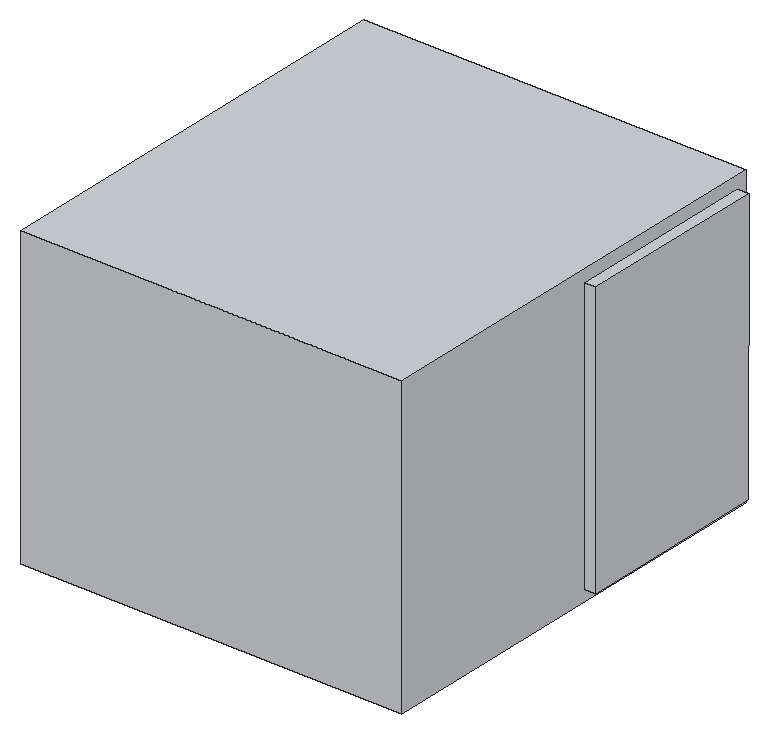
Revit family "1fd0f57d6f83472b88e76378a2e887ae", category Mechanical Equipment, Revit 2021
Family settings
  Round Connector Dimension = Use Diameter
  Part Type = Normal
  OmniClass Number = 23.75.35.14
  OmniClass Title = Air Handling Units
  Seek Item ID = AHU Filter - Bag-0000-USA-ENU
  Work Plane-Based = No
  Always vertical = Yes
  Cut with Voids When Loaded = No
  Shared = No
  Room Calculation Point = No
Parameters (values of type "For 3 Square Feet of Coil")
  Pressure Drop [instance] = 0.43 in-wg
  Length 2 = Duct Height / 2  # 12 1/2"
  Length 1 = Filter Length / 2  # 1' - 4"
  Filter Width = 3' - 0"
  Filter Material = none
  Filter Length = 2' - 8"
  Filter Height = 2' - 1"
  Duct Width = 32"
  Duct Height = 25"
  Default Elevation = 0' - 0"
  Air Velocity [instance] = 500 FPM
  Air Flow [instance] = Air Velocity * Duct Height * Duct Width  # 2777.78 CFM
Types (17): name | Length 2 | Length 1 | Filter Width | Filter Length | Filter Height | Duct Width | Duct Height | Air Flow
  (no name) | 12 1/2" | 1' - 4" | 3' - 0" | 2' - 8" | 2' - 1" | 32" | 25" | 2777.78 CFM
  For 3 Square Feet of Coil | 12 1/2" | 1' - 4" | 3' - 0" | 2' - 8" | 2' - 1" | 32" | 25" | 2777.78 CFM
  For 6 Square Feet of Coil | 14" | 1' - 10" | 3' - 6" | 3' - 8" | 2' - 4" | 44" | 28" | 4277.78 CFM
  For 8 Square Feet of Coil | 16" | 2' - 0" | 3' - 8" | 4' - 0" | 2' - 8" | 48" | 32" | 5333.33 CFM
  For 10 Square Feet of Coil | 17" | 2' - 6" | 2' - 10" | 5' - 0" | 2' - 10" | 60" | 34" | 7083.33 CFM
  For 12 Square Feet of Coil | 19" | 2' - 8" | 3' - 2" | 5' - 4" | 3' - 2" | 64" | 38" | 8444.44 CFM
  For 14 Square Feet of Coil | 20" | 2' - 10" | 3' - 4" | 5' - 8" | 3' - 4" | 68" | 40" | 9444.44 CFM
  For 17 Square Feet of Coil | 22" | 3' - 1" | 3' - 8" | 6' - 2" | 3' - 8" | 74" | 44" | 11305.6 CFM
  For 21 Square Feet of Coil | 25" | 3' - 2" | 4' - 2" | 6' - 4" | 4' - 2" | 76" | 50" | 13194.4 CFM
  For 25 Square Feet of Coil | 28" | 3' - 3" | 4' - 8" | 6' - 6" | 4' - 8" | 78" | 56" | 15166.7 CFM
  For 30 Square Feet of Coil | 28" | 3' - 10" | 4' - 8" | 7' - 8" | 4' - 8" | 92" | 56" | 17888.9 CFM
  For 35 Square Feet of Coil | 31" | 4' - 0" | 4' - 0" | 8' - 0" | 5' - 2" | 96" | 62" | 20666.7 CFM
  For 40 Square Feet of Coil | 31" | 4' - 7" | 4' - 0" | 9' - 2" | 5' - 2" | 110" | 62" | 23680.6 CFM
  For 50 Square Feet of Coil | 37" | 5' - 0" | 4' - 0" | 10' - 0" | 6' - 2" | 120" | 74" | 30833.3 CFM
  For 66 Square Feet of Coil | 46" | 5' - 9" | 4' - 2" | 11' - 6" | 7' - 8" | 138" | 92" | 44083.3 CFM
  For 80 Square Feet of Coil | 55" | 5' - 9" | 4' - 6" | 11' - 6" | 9' - 2" | 138" | 110" | 52708.3 CFM
  For 100 Square Feet of Coill | 60" | 6' - 4" | 5' - 0" | 12' - 8" | 10' - 0" | 152" | 120" | 63333.3 CFM
Reference planes (in)
  plane 1 "Center (Front/Back)": y = 0
  plane 2: z = 0
  plane 3 "Center (Left/Right)": x = 0
  plane 4: x = -16
  plane 5: x = 16
  plane 6: y = 36
  plane 7: z = 25
  plane 8: y = 35
  plane 9: z = 24
  plane 10: z = 1
  plane 11: y = 19
  plane 12: x = 17
  plane 13: x = -17
  plane 14: x = -16
  plane 15: x = 16
  plane 16: z = 25
  plane 17: z = 0
  plane 18: z = 12.5
Forms (in)
  Extrusion 1, solid, material <- "Filter Material", detail levels medium+fine
    sketch origin (0, 0, 0) x (1, 0, 0) y (0, 1, 0)
      loop
        line (-16, 36) -> (-16, 0) -> (16, 0) -> (16, 36) -> (-16, 36)
    from 0 to 25
  Extrusion 2, solid, material <- "Filter Material", detail levels medium+fine
    sketch origin (0, 0, 0) x (0, 1, 0) y (0, 0, 1)
      loop
        line (19, 24) -> (19, 1) -> (35, 1) -> (35, 24) -> (19, 24)
    from 16 to 17
  Extrusion 3, solid, material <- "Filter Material", detail levels medium+fine
    sketch origin (0, 0, 0) x (0, 1, 0) y (0, 0, 1)
      loop
        line (35, 24) -> (19, 24) -> (19, 1) -> (35, 1) -> (35, 24)
    from -17 to -16
  Extrusion 4, solid, material <- "Filter Material", detail levels coarse
    sketch origin (0, 0, 0) x (1, 0, 0) y (0, 1, 0)
      loop
        line (-17, 36) -> (-17, 0) -> (17, 0) -> (17, 36) -> (-17, 36)
    from 0 to 25
Cuts and joins
  joined: Extrusion 1, Extrusion 2, Extrusion 3
Dimensions and locks (in)
  equal spacing: plane 4, plane 3 "Center (Left/Right)", plane 5
  "Filter Width": plane 6 to plane 1 "Center (Front/Back)"
  "Length 1": plane 3 "Center (Left/Right)" to plane 5
  "Filter Height": plane 7 to plane 2
  locked: plane 8 to plane 6 at 1
  locked: plane 7 to plane 9 at 1
  locked: plane 10 to plane 2 at 1
  locked: plane 11 to plane 8 at 16
  locked: plane 5 to plane 12 at 1
  locked: plane 13 to plane 4 at 1
  equal spacing: plane 15, plane 3 "Center (Left/Right)", plane 14
  "Duct Width": plane 15 to plane 14
  equal spacing: plane 7, plane 18, plane 2
  "Length 2": plane 16 to plane 18
  aligned and locked: plane 7 to Extrusion 1
  aligned and locked: plane 1 "Center (Front/Back)" to Extrusion 1
  aligned and locked: Extrusion 1 to plane 2
  aligned and locked: plane 6 to Extrusion 1
  aligned and locked: plane 12 to Extrusion 2
  aligned and locked: plane 8 to Extrusion 2
  aligned and locked: Extrusion 2 to plane 5
  aligned and locked: Extrusion 2 to plane 11
  aligned and locked: Extrusion 3 to plane 13
  aligned and locked: plane 8 to Extrusion 3
  aligned and locked: plane 4 to Extrusion 3
  aligned and locked: Extrusion 3 to plane 11
  aligned and locked: Extrusion 4 to plane 13  (x2)
  aligned and locked: plane 6 to Extrusion 4  (x2)
  aligned and locked: plane 12 to Extrusion 4
  aligned and locked: plane 1 "Center (Front/Back)" to Extrusion 4
  aligned and locked: plane 6 to cut or joined group of Extrusion 1, Extrusion 2, Extrusion 3
  aligned and locked: Extrusion 4 to plane 17
  aligned and locked: plane 1 "Center (Front/Back)" to cut or joined group of Extrusion 1, Extrusion 2, Extrusion 3
  aligned and locked: plane 7 to Extrusion 4
Automatic sketch dimensions
  Extrusion 1 sketch curve to plane 1 "Center (Front/Back)" = 0' - 0"
  Extrusion 1 sketch curve to plane 4 = 0' - 0"
  Extrusion 1 sketch curve to plane 5 = 0' - 0"
  Extrusion 1 sketch curve to plane 6 = 0' - 0"
  Extrusion 2 sketch curve to plane 10 = 0' - 0"
  Extrusion 2 sketch curve to plane 9 = 0' - 0"
  Extrusion 2 sketch curve to plane 11 = 0' - 0"
  Extrusion 2 sketch curve to plane 8 = 0' - 0"
  Extrusion 3 sketch curve to plane 11 = 0' - 0"
  Extrusion 3 sketch curve to plane 8 = 0' - 0"
  Extrusion 3 sketch curve to plane 10 = 0' - 0"
  Extrusion 3 sketch curve to plane 9 = 0' - 0"
  Extrusion 4 sketch curve to plane 13 = 0' - 0"
  plane 6 to Extrusion 4 sketch curve = 0' - 0"
  Extrusion 4 sketch curve to plane 12 = 0' - 0"
  Extrusion 4 sketch curve to plane 1 "Center (Front/Back)" = 0' - 0"
Connectors (in)
  hvac at (0, 0, 12.5), driven by "Duct Height", driven by "Duct Width", driven by "Air Flow"
    settings: on Extrusion 1, index 1, duct flow 2777.78 CFM, flow factor 0, pres drop 0.00 in-wg, loss coef 0, conn angle 0.00°, conn width 32", conn height 25", conn diameter 24", duct sys type 1, conn prof type 1, flow config 0, flow direction 0, loss method 0, conn ref index 2, conn util no, is conn primary yes, conn desc ""
  hvac at (0, 36, 12.5), driven by "Duct Height", driven by "Duct Width", driven by "Pressure Drop", driven by "Air Flow"
    settings: on Extrusion 1, index 2, duct flow 2777.78 CFM, flow factor 0, pres drop 0.43 in-wg, loss coef 0, conn angle 0.00°, conn width 32", conn height 25", conn diameter 24", duct sys type 1, conn prof type 1, flow config 0, flow direction 0, loss method 4, conn ref index 1, conn util no, is conn primary no, conn desc ""
